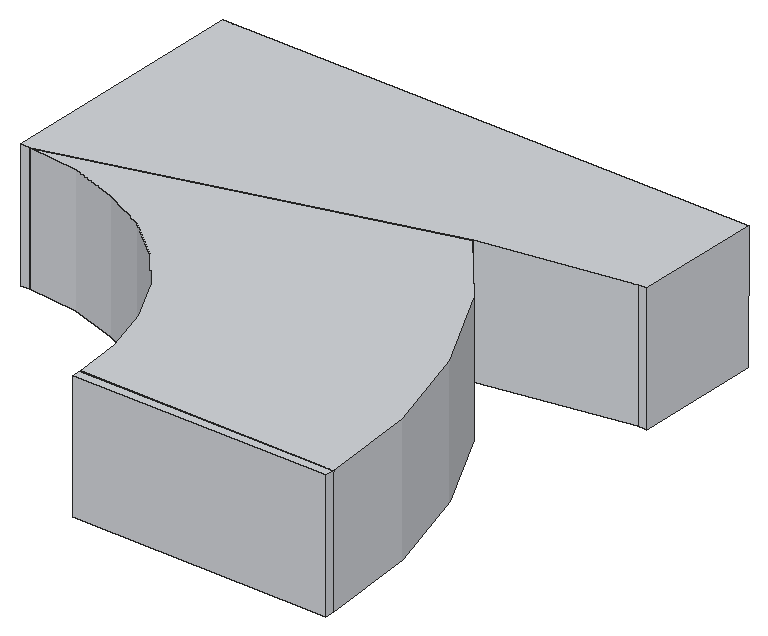
Revit family "9a54855ad056405a86bc8ad3462d74c9", category Duct Fittings, Revit 2021
Family settings
  Round Connector Dimension = Use Diameter
  Part Type = Wye
  OmniClass Number = 23.75.70.14
  OmniClass Title = Air Ductwork
  Seek Item ID = Rectangular Smooth Radius Wye - DTL-0000-USA-ENU
  Work Plane-Based = No
  Always vertical = Yes
  Cut with Voids When Loaded = No
  Shared = No
Parameters (values of type "Standard")
  Straight Out Right Label [instance] = if(Straight Out Right = 0' 0", 0' 0 1/16", Straight Out Right)  # 1 1/2"
  Straight Out Left Label [instance] = if(Straight Out Left = 0' 0", 0' 0 1/16", Straight Out Left)  # 1 1/2"
  Straight In Label [instance] = if(Straight In = 0' 0", 0' 0 1/16", Straight In)  # 1 1/2"
  Void Length 4 [instance] = if(Top Change Left > 0' 0", Depth In / 2 + Top Change Left, Depth In / 2)  # 10"
  Void Length 3 [instance] = if(Bottom Change Left < 0' 0", Depth In / 2 + abs(Bottom Change Left), Depth In / 2)  # 10"
  Void Length 2 [instance] = if(Top Change Right > 0' 0", Depth In / 2 + Top Change Right, Depth In / 2)  # 10"
  Void Length 1 [instance] = if(Bottom Change Right < 0' 0", Depth In / 2 + abs(Bottom Change Right), Depth In / 2)  # 10"
  Length Label [instance] = if(Length > sqrt((Branch Radius + Width Out Right) ^ 2 - (Width In - Branch Width Label + Branch Radius) ^ 2) + 0' 0 1/8", Length, sqrt((Branch Radius + Width Out Right) ^ 2 - (Width In - Branch Width Label + Branch Radius) ^ 2) + 0' 0 1/8")  # 80"
  Default Elevation = 0' - 0"
  C3 Length 2 [instance] = Branch Radius + Width In / 2 - cos(Angle) * Branch Radius 1 + sin(Angle) * Straight Out Right Label  # 61 1/2"
  C3 Length 1 [instance] = sin(Angle) * Branch Radius 1 + cos(Angle) * Straight Out Right Label  # 60"
  C3 Height Offset [instance] = C1 Height Offset + C3 Height Offset Label  # 120"
  Branch Width Label [instance] = if(Branch Width < Width In - Width Out Right + 0' 0 1/8", Width In - Width Out Right + 0' 0 1/8", if(Branch Width > Width In, Width In, Branch Width))  # 24"
  Branch Length [instance] = if((Branch Radius + Width Out Right) > (Branch Radius + Width In - Branch Width Label), sqrt((Branch Radius + Width Out Right) ^ 2 - (Branch Radius + Width In - Branch Width Label) ^ 2) + Straight In Label, Straight In Label)  # 58.63143"
  C3 Height Offset Label [instance] = -Bottom Change Right + Depth In / 2 - Depth Out Right / 2  # 0"
  Height Offset 2 [instance] = C1 Height Offset - Depth In / 2 - Top Change Left * (Branch Length - Straight In Label) / Length Label  # 110"
  Height Offset 1 [instance] = C1 Height Offset + Depth In / 2 - Bottom Change Left * (Branch Length - Straight In Label) / Length Label  # 130"
  Top Change Right [instance] = 0"
  Top Change Left [instance] = 0"
  Straight Out Right [instance] = 1 1/2"
  Straight Out Left [instance] = 1 1/2"
  C2 Height Offset [instance] = 10' 0" - (Depth Out Left / 2 - Depth In / 2 + Bottom Change Left) / 2  # 120"
  C1 Height Offset [instance] = 10' 0" + (Depth Out Left / 2 - Depth In / 2 + Bottom Change Left) / 2  # 120"
  Branch Radius 1 [instance] = Branch Radius + Width Out Right / 2  # 60"
  Length [instance] = 80"
  Insertion Point 2 [instance] = (Branch Radius + Width Out Right / 2) * tan(Angle / 2) - (Width In - Insertion Point 1 - Width Out Right / 2) * tan(90.00° - Angle)  # 60"
  Bottom Change Right [instance] = -Depth Out Right + Depth In + Top Change Right  # 0"
  Bottom Change Left [instance] = -Depth Out Left + Depth In + Top Change Left  # 0"
  Depth Out Right [instance] = 20"
  Depth Out Left [instance] = 20"
  Branch Width [instance] = 24"
  Branch Radius [instance] = 40"
  Width Out Left [instance] = 20"
  built-in parameter 1114242 [instance] = (empty or 0)
  Width Out Right [instance] = 40"
  Width In [instance] = 40"
  Depth In [instance] = 20"
  Straight In [instance] = 1 1/2"
  Insertion Point 1 [instance] = (Width In + Width Out Left) / 4  # 15"
  Assembly Code = ""
  Angle [instance] = 90.00°
Reference planes (in)
  plane 1 "Center (Front/Back)": y = 0
  plane 2: z = 0
  plane 3 "Center (Left/Right)": x = 0
  plane 4: y = 15
  plane 5 "Width Out Left": y = -5
  plane 6: y = -5
  plane 7 "Width In": y = -25
  plane 8: y = 5
  plane 9: x = -60
  plane 10 "Center": y = -65
  plane 11: y = -5
  plane 12: x = -61.5
  plane 13: x = 20
  plane 14: x = -2.86857
  plane 15: x = 21.5
  plane 16: z = -120
  plane 17: z = 0
  plane 18: z = 0
  plane 19: z = 10
  plane 20: z = -10
  plane 21: z = -10
  plane 22: z = 10
  plane 23: z = 10
  plane 24: z = -10
  plane 25: z = 10
  plane 26: z = -10
  plane 27 "Branch Width": y = -9
  plane 28: y = 55
  plane 29: x = -20
  plane 30: x = 20
  plane 31 "Length 1": z = 10
  plane 32 "Length 2": z = -10
  plane 33: y = 15
  plane 34: x = 0
  plane 35: y = -66.5
  plane 36: z = 0
  plane 37: z = -10
  plane 38: z = 10
  plane 39: y = -46.5
  plane 40: y = -26.5
Forms (in)
  Extrusion 1, solid, detail levels medium+fine
    sketch origin (0, 0, 0) x (0, 1, 0) y (0, 0, 1)
      loop
        line (15, 10) -> (-25, 10) -> (-25, -10) -> (15, -10) -> (15, 10)
    from -61.5 to -60
  Extrusion 2, solid, detail levels medium+fine
    sketch origin (0, 0, 0) x (0, 1, 0) y (0, 0, 1)
      loop
        line (15, 10) -> (-5, 10) -> (-5, -10) -> (15, -10) -> (15, 10)
    from 20 to 21.5
  Extrusion 3, void
    sketch origin (-60, 60, 48) x (0, 1, 0) y (0, 0, 1)
      loop
        line (-5, -38) -> (-45, -38) -> (-45, -58) -> (-5, -58) -> (-5, -38)
    from 0 to 80
  Blend 4, solid, not visible
    base sketch origin (-60, 60, 48) x (0, 1, 0) y (0, 0, 1)
      loop
        line (-45, -48) -> (-65, -48) -> (-65, -58) -> (-45, -58) -> (-45, -48)
    top sketch origin (-60, 60, 48) x (0, 1, 0) y (0, 0, 1)
      loop
        line (-106.5, -48) -> (-126.5, -48) -> (-126.5, -58) -> (-106.5, -58) -> (-106.5, -48)
    from -1.5 to 60
  Blend 5, solid, not visible
    base sketch origin (-60, 60, 48) x (0, 1, 0) y (0, 0, 1)
      loop
        line (-65, -58) -> (-45, -58) -> (-45, -48) -> (-65, -48) -> (-65, -58)
    top sketch origin (-60, 60, 48) x (0, 1, 0) y (0, 0, 1)
      loop
        line (-45, -48) -> (-55, -48) -> (-55, -58) -> (-45, -58) -> (-45, -48)
    from -1.5 to 81.5
  Blend 6, solid, detail levels medium+fine
    base sketch origin (-60, 56.15377, 0) x (0, -1, 0) y (0, 0, 1)
      loop
        line (41.15377, 10) -> (41.15377, -10) -> (81.15377, -10) -> (81.15377, 10) -> (41.15377, 10)
    top sketch origin (-2.86857, 18.34948, 0) x (0, -1, 0) y (0, 0, 1)
      loop
        line (3.34948, 10) -> (3.34948, -10) -> (27.34948, -10) -> (27.34948, 10) -> (3.34948, 10)
    from 0 to 0
  Blend 7, solid, detail levels medium+fine
    base sketch origin (20, -8.91788, 0) x (0, -1, 0) y (0, 0, 1)
      loop
        line (-23.91788, 10) -> (-23.91788, -10) -> (-3.91788, -10) -> (-3.91788, 10) -> (-23.91788, 10)
    top sketch origin (-2.86857, 18.34948, 0) x (0, -1, 0) y (0, 0, 1)
      loop
        line (3.34948, 10) -> (3.34948, -10) -> (27.34948, -10) -> (27.34948, 10) -> (3.34948, 10)
    from 0 to 0
  SweptBlend 8, solid, detail levels medium+fine
    path in 3D
      loop
        arc (-60, -5, 0) -> (-17.57359, -22.57359, 0) -> (0, -65, 0) r 60
    profile "Duct - Rectangular : Duct - Rectangular 2" origin (-60, -5, 0) x (0, 1, 0) y (0, 0, 1)
      loop
        line (-20, 10) -> (-20, -10) -> (20, -10) -> (20, 10) -> (-20, 10)
    end profile "Duct - Rectangular : Duct - Rectangular 1" origin (0, -65, 0) x (1, 0, 0) y (0, 0, 1)
      loop
        line (-20, 10) -> (-20, -10) -> (20, -10) -> (20, 10) -> (-20, 10)
  Sweep 9, solid, detail levels medium+fine
    path in 3D
      loop
        line (0, -66.5, 0) -> (0, -65, 0)
    profile "Duct - Rectangular : Duct - Rectangular 1" origin (0, -65.75, 0) x (-1, 0, 0) y (0, 0, 1)
      loop
        line (-20, 10) -> (-20, -10) -> (20, -10) -> (20, 10) -> (-20, 10)
Cuts and joins
  joined: Extrusion 1, Extrusion 2, Blend 6, Blend 7
  Extrusion 3 cuts SweptBlend 8
Lines and regions (in)
  reference lines
    curve 1: line (-60, -65, 4.57192) -> (-60, -65, -18.42808)
    curve 2: line (-2.86857, 18.34948, 0) -> (-2.86857, 1.34948, 0)
    curve 3: line (-60, 56.15377, 0) -> (-60, 10.15377, 0)
    curve 4: line (20, -8.91788, 0) -> (20, -61.4762, 0)
    curve 5: arc (-60, -5, 0) -> (-17.57359, -22.57359, 0) -> (0, -65, 0) r 60
    curve 6: line (0, -66.5, 0) -> (0, -65, 0)
  sketch lines
    curve 7: arc (-60, -5, 0) -> (-17.57359, -22.57359, 0) -> (0, -65, 0) r 60
    curve 8: line (0, -66.5, 0) -> (0, -65, 0)
  model lines, detail levels coarse
    curve 9: line (21.5, 5, 0) -> (-61.5, -5, 0)
    curve 10: line (0, -66.5, 0) -> (-61.5, -5, 0)
Dimensions and locks (in)
  "Insertion Point 1": plane 4 to plane 1 "Center (Front/Back)"
  equal spacing: plane 4, plane 6, plane 7 "Width In"
  "Width In": plane 4 to plane 7 "Width In"
  equal spacing: plane 4, plane 8, plane 5 "Width Out Left"
  "Width Out Left": plane 4 to plane 5 "Width Out Left"
  "Branch Radius": plane 7 "Width In" to plane 10 "Center"
  "Insertion Point 2": plane 9 to plane 3 "Center (Left/Right)"
  "Straight In Label": plane 12 to plane 9
  "Length Label": plane 9 to plane 13
  "Straight Out Left Label": plane 13 to plane 15
  "Branch Length": plane 12 to plane 14
  locked: plane 16 to plane 2 at 120
  "C1 Height Offset": plane 17 to plane 16
  "C2 Height Offset": plane 18 to plane 16
  equal spacing: plane 19, plane 17, plane 20
  "Depth In": plane 19 to plane 20
  equal spacing: plane 21, plane 18, plane 22
  "Depth Out Left": plane 21 to plane 22
  "Height Offset 1": plane 23 to plane 16
  "Height Offset 2": plane 24 to plane 16
  "Branch Radius 1": plane 11 to plane 10 "Center"
  equal spacing: plane 25, plane 17, plane 26
  "Depth Out Right": plane 25 to plane 26
  "Branch Width Label": plane 4 to plane 27 "Branch Width"
  "Width Out Right": plane 28 to plane 4
  "Branch Radius": plane 9 to plane 29
  "Width Out Right": plane 29 to plane 30
  "Void Length 1": plane 31 "Length 1" to plane 17
  "Void Length 2": plane 17 to plane 32 "Length 2"
  "Width Out Right": plane 33 to plane 7 "Width In"
  "C3 Length 1": plane 9 to plane 34
  "C3 Length 2": plane 6 to plane 35
  "C3 Height Offset": plane 36 to plane 16
  equal spacing: plane 38, plane 36, plane 37
  "Depth Out Right": plane 38 to plane 37
  equal spacing: plane 40, plane 39, plane 35
  "Width In": plane 40 to plane 35
  "Straight Out Right Label": curve 6 to curve 6
  "Branch Radius 1": radius of curve 5
  "Angle": angle curve 5 to curve 5
  "Angle": angle curve 6 to plane 35
  aligned and locked: Extrusion 1 sketch curve to plane 4
  aligned and locked: plane 7 "Width In" to Extrusion 1 sketch curve
  aligned and locked: Extrusion 1 sketch curve to plane 19
  aligned and locked: plane 20 to Extrusion 1 sketch curve
  aligned and locked: Extrusion 1 to plane 12
  aligned and locked: plane 9 to Extrusion 1
  aligned and locked: plane 22 to Extrusion 2 sketch curve
  aligned and locked: plane 21 to Extrusion 2 sketch curve
  aligned and locked: plane 5 "Width Out Left" to Extrusion 2 sketch curve
  aligned and locked: Extrusion 2 sketch curve to plane 4
  aligned and locked: plane 15 to Extrusion 2
  aligned and locked: Extrusion 2 to plane 13
  aligned and locked: plane 10 "Center" to curve 1  (x2)
  aligned and locked: curve 1 to plane 9
  aligned and locked: Extrusion 3 sketch curve to plane 31 "Length 1"
  aligned and locked: plane 32 "Length 2" to Extrusion 3 sketch curve
  aligned and locked: Extrusion 3 sketch curve to plane 28
  aligned and locked: plane 4 to Extrusion 3 sketch curve
  aligned and locked: Extrusion 3 to plane 9
  aligned and locked: Blend 4 sketch curve to plane 17
  aligned and locked: plane 20 to Blend 4 sketch curve
  aligned and locked: plane 35 to Blend 4 sketch curve
  aligned and locked: Blend 4 sketch curve to plane 4
  aligned and locked: plane 6 to Blend 4 sketch curve
  aligned and locked: Blend 4 sketch curve to plane 36
  aligned and locked: plane 37 to Blend 4 sketch curve
  aligned and locked: plane 39 to Blend 4 sketch curve
  aligned and locked: Blend 4 to plane 34
  aligned and locked: Blend 4 to plane 12
  aligned and locked: Blend 5 sketch curve to Blend 4  (x4)
  aligned and locked: Blend 5 sketch curve to plane 18
  aligned and locked: plane 21 to Blend 5 sketch curve
  aligned and locked: Blend 5 sketch curve to plane 4
  aligned and locked: plane 8 to Blend 5 sketch curve
  aligned and locked: plane 15 to Blend 5
  aligned and locked: Blend 5 to plane 12
  aligned and locked: curve 2 to plane 14
  aligned and locked: curve 3 to plane 9
  aligned and locked: curve 4 to plane 13
  aligned and locked: plane 14 to Blend 6
  aligned and locked: Blend 6 to plane 9
  aligned and locked: plane 22 to Blend 7 sketch curve
  aligned and locked: plane 21 to Blend 7 sketch curve
  aligned and locked: Blend 7 sketch curve to plane 4
  aligned and locked: plane 5 "Width Out Left" to Blend 7 sketch curve
  aligned and locked: Blend 7 to plane 14
  aligned and locked: plane 13 to Blend 7
  aligned and locked: Blend 6 sketch curve to plane 19
  aligned and locked: plane 20 to Blend 6 sketch curve  (x2)
  aligned and locked: Blend 6 sketch curve to plane 4
  aligned and locked: plane 7 "Width In" to Blend 6 sketch curve
  aligned and locked: plane 19 to Blend 6 sketch curve
  aligned and locked: plane 4 to Blend 6 sketch curve  (x2)
  aligned and locked: plane 27 "Branch Width" to Blend 6 sketch curve  (x2)
  aligned and locked: plane 23 to Blend 6 sketch curve
  aligned and locked: plane 24 to Blend 6 sketch curve
  aligned and locked: plane 4 to Blend 7 sketch curve  (x2)
  aligned and locked: plane 27 "Branch Width" to Blend 7 sketch curve  (x2)
  aligned and locked: plane 23 to Blend 7 sketch curve
  aligned and locked: plane 24 to Blend 7 sketch curve
  aligned and locked: plane 19 to Blend 7 sketch curve
  aligned and locked: plane 20 to Blend 7 sketch curve
  aligned and locked: plane 9 to Blend 6
  aligned and locked: plane 14 to Blend 7  (x3)
  aligned and locked: Blend 6 to plane 14
  aligned and locked: Blend 7 to plane 13
  aligned and locked: plane 13 to Extrusion 2
  aligned and locked: plane 30 to Extrusion 3
  aligned and locked: curve 5 to plane 9
  aligned and locked: plane 9 to curve 5
  aligned and locked: plane 35 to curve 6
  aligned and locked: curve 9 to Blend 5
  aligned and locked: plane 12 to curve 9
  aligned and locked: plane 15 to curve 9
  aligned and locked: curve 10 to Blend 4
  aligned and locked: plane 12 to curve 10
  aligned and locked: plane 34 to curve 10
Automatic sketch dimensions
  curve 1 to plane 20 = 0' - 8.42808"
  level to curve 1 = 0' - 4.57192"
  plane 10 "Center" to curve 4 = 0' - 3.5238"
  plane 27 "Branch Width" to curve 4 = 0' - 0.08212"
  curve 2 to plane 1 "Center (Front/Back)" = 0' - 1.34948"
  curve 3 to plane 4 = 0' - 4.84623"
  plane 4 to curve 2 = 0' - 3.34948"
  plane 28 to curve 3 = 0' - 1.15377"
  curve 9 to Blend 5 = 0' - 0"  (x2)
  curve 10 to Blend 4 = 0' - 0"  (x2)
Connectors (in)
  hvac at (-61.5, -5, 0), driven by "Depth In", driven by "Width In"
    settings: on cut or joined group of Extrusion 1, Extrusion 2, Blend 6, Blend 7, index 1, duct flow 0 CFM, flow factor 0, pres drop 0.00 in-wg, loss coef 0, conn angle 0.00°, conn width 40", conn height 20", conn diameter 24", duct sys type 28, conn prof type 1, flow config 0, flow direction 0, loss method 0, conn ref index 2, conn util no, is conn primary yes, conn desc ""
  hvac at (21.5, 5, 0), driven by "Depth Out Left", driven by "Width Out Left"
    settings: on cut or joined group of Extrusion 1, Extrusion 2, Blend 6, Blend 7, index 2, duct flow 0 CFM, flow factor 0, pres drop 0.00 in-wg, loss coef 0, conn angle 0.00°, conn width 20", conn height 20", conn diameter 24", duct sys type 28, conn prof type 1, flow config 0, flow direction 0, loss method 0, conn ref index 1, conn util no, is conn primary no, conn desc ""
  hvac at (0, -66.5, 0), driven by "Depth Out Right", driven by "Width Out Right", driven by "Angle"
    settings: on Sweep 9, index 3, duct flow 0 CFM, flow factor 0, pres drop 0.00 in-wg, loss coef 0, conn angle 90.00°, conn width 40", conn height 20", conn diameter 24", duct sys type 28, conn prof type 1, flow config 0, flow direction 0, loss method 0, conn ref index -1, conn util no, is conn primary no, conn desc ""
